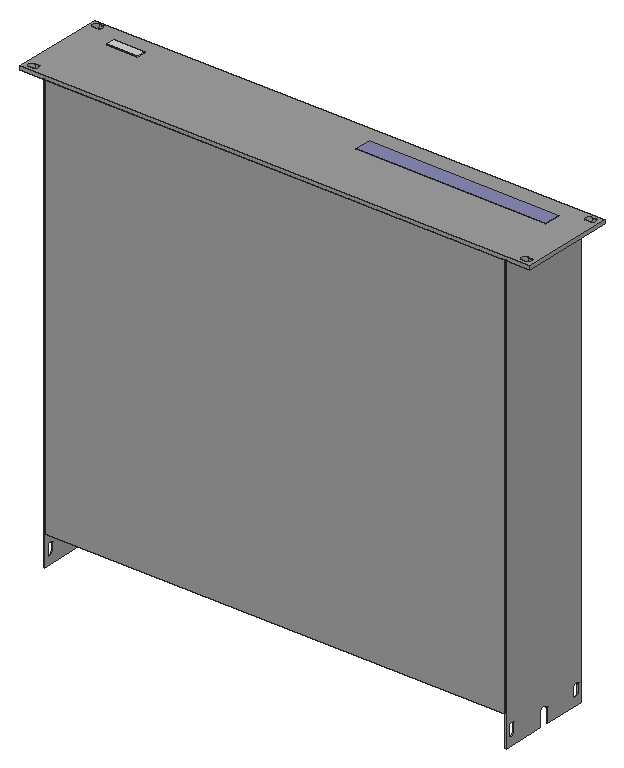
Revit family "Q-SYS Core 510i Face Based", category Generic Models, host Face, Revit 2015
Parameters
  Default Elevation = 4' - 0"
Reference planes (in)
  plane 1 "Center (Front/Back)": y = 0
  plane 2: z = 0
  plane 3 "Center (Left/Right)": x = 0
  plane 4: y = 1.75
  plane 5: y = -1.72835
  plane 6: x = -9.47638
  plane 7: x = 9.47638
  plane 8: z = -16.25197
Forms (in)
  Extrusion 1, void
    sketch origin (0, 0, 0) x (1, 0, 0) y (0, 1, 0)
      loop
        line (-15.9713, 48) -> (-15.9713, -48) -> (11.98501, -48) -> (11.98501, 48) -> (-15.9713, 48)
    from 0 to -0.52366
Dimensions and locks (in)
  aligned and locked: plane 2 to Extrusion 1
  aligned and locked: level to Extrusion 1
Nested families (in)
  nested 1: "Q-SYS Core 510i" at (0, -1.72835, -7.56299) x (1, 0, 0) z (0, 1, 0), type "Q-SYS Core 510i"
Definition of nested family "Q-SYS Core 510i"
  Parameters (values of type "Q-SYS Core 510i")
    Width = 1' - 7.01575"
    Weight Dimensional = 23
    Voltage AC = "100VAC - 240VAC, 50-60 Hz"
    Regulatory Compliance = "FCC 47 CFR Part 15 Class A, IC ICES-003, CE (EN55032, EN55035), EU RoHS directive 2011/65/EU, WEEE directive 2012/19/EU, China RoHS directive GB/T26572, EAC, RTL, UL, C-UL"
    Product Page URL = "https://www.qsc.com/systems/products/q-sys-platform/products-peripherals-accessories/q-sys-cores/core-510i/"
    Product Documentation Link = "https://www.qsc.com/resource-files/productresources/dn/dsp_cores/core_510i/q_qsys_core_510i_specs.pdf"
    Model = "Core 510i"
    Manufacturer URL = "www.qsc.com"
    Manufacturer = "QSC"
    Height = 0' - 3.50394"
    Heat Load Active = 600
    Description = "Integrated Core Processor"
    Depth = 1' - 3"
    Default Elevation = 4' - 0"
    Current Draw = 3.7
  Reference planes (in)
    plane 1 "Center (Front/Back)": y = 0
    plane 2: z = 0
    plane 3 "Center (Left/Right)": x = 0
    plane 4: y = 7.56299
    plane 5: y = -7.68898
    plane 6: x = -8.59646
    plane 7: x = 8.59646
    plane 8: x = -9.47638
    plane 9: x = 9.47638
    plane 10: y = 8.68898
    plane 11: x = -8.54921
    plane 12: x = 8.54921
    plane 13: z = 1.72835
    plane 14: z = 0.22835
    plane 15: x = -9.16142
    plane 16: x = 9.16142
    plane 17: x = 8.97047
    plane 18: x = 9.35236
    plane 19: y = 8.16142
    plane 20: y = 7.91142
    plane 21: y = 8.41142
    plane 22: z = 1.53543
    plane 23: z = 1.92126
    plane 24: y = 8.05906
  Forms (in)
    Extrusion 1, solid
      sketch origin (0, 0, 0) x (1, 0, 0) y (0, 1, 0)
        loop
          line (-8.54921, 7.56299) -> (-8.54921, -7.56299) -> (8.54921, -7.56299) -> (8.54921, 7.56299) -> (-8.54921, 7.56299)
      from 0 to 3.45669
    Extrusion 2, solid
      sketch origin (0, 0, 0) x (1, 0, 0) y (0, 1, 0)
        loop
          line (-9.47638, -7.56299) -> (-9.47638, -7.68898) -> (9.47638, -7.68898) -> (9.47638, -7.56299) -> (-9.47638, -7.56299)
      from 0 to 3.45669
    Extrusion 3, solid
      sketch origin (0, 0, 0) x (1, 0, 0) y (0, 1, 0)
        loop
          line (8.54921, 8.68898) -> (8.54921, -7.56299) -> (8.59646, -7.56299) -> (8.59646, 8.68898) -> (8.54921, 8.68898)
        loop
          line (-8.54921, 8.68898) -> (-8.59646, 8.68898) -> (-8.59646, -7.56299) -> (-8.54921, -7.56299) -> (-8.54921, 8.68898)
      from 0 to 3.45669
    Extrusion 4, void
      sketch origin (0, -4.33071, 0) x (1, 0, 0) y (0, 0, 1)
        loop
          arc (9.22776, 0.10236) -> (9.35374, 0.22835) -> (9.22776, 0.35433) r 0.12598
          line (9.22776, 0.35433) -> (9.10177, 0.35433)
          arc (9.10177, 0.35433) -> (8.97579, 0.22835) -> (9.10177, 0.10236) r 0.12598
          line (9.10177, 0.10236) -> (9.22776, 0.10236)
        loop
          line (9.22776, 3.35433) -> (9.10177, 3.35433)
          arc (9.10177, 3.35433) -> (8.97579, 3.22835) -> (9.10177, 3.10236) r 0.12598
          line (9.10177, 3.10236) -> (9.22776, 3.10236)
          arc (9.22776, 3.10236) -> (9.35374, 3.22835) -> (9.22776, 3.35433) r 0.12598
        loop
          line (-9.22776, 0.10236) -> (-9.10177, 0.10236)
          arc (-9.10177, 0.10236) -> (-8.97579, 0.22835) -> (-9.10177, 0.35433) r 0.12598
          line (-9.10177, 0.35433) -> (-9.22776, 0.35433)
          arc (-9.22776, 0.35433) -> (-9.35374, 0.22835) -> (-9.22776, 0.10236) r 0.12598
        loop
          arc (-9.22776, 3.35433) -> (-9.35374, 3.22835) -> (-9.22776, 3.10236) r 0.12598
          line (-9.22776, 3.10236) -> (-9.10177, 3.10236)
          arc (-9.10177, 3.10236) -> (-8.97579, 3.22835) -> (-9.10177, 3.35433) r 0.12598
          line (-9.10177, 3.35433) -> (-9.22776, 3.35433)
      from 0 to 3.45669
    Extrusion 5, void
      sketch origin (0, 0, 0) x (0, 1, 0) y (0, 0, 1)
        loop
          arc (8.28758, 0.10236) -> (8.41357, 0.22835) -> (8.28758, 0.35433) r 0.12598
          line (8.28758, 0.35433) -> (8.03748, 0.35433)
          arc (8.03748, 0.35433) -> (7.91149, 0.22835) -> (8.03748, 0.10236) r 0.12598
          line (8.03748, 0.10236) -> (8.28758, 0.10236)
        loop
          line (8.28758, 3.35433) -> (8.03748, 3.35433)
          arc (8.03748, 3.35433) -> (7.91149, 3.22835) -> (8.03748, 3.10236) r 0.12598
          line (8.03748, 3.10236) -> (8.28758, 3.10236)
          arc (8.28758, 3.10236) -> (8.41357, 3.22835) -> (8.28758, 3.35433) r 0.12598
      from -8.82591 to 8.97047
    Extrusion 6, void
      sketch origin (0, 0, 0) x (0, 1, 0) y (0, 0, 1)
        loop
          line (8.68898, 1.92126) -> (8.21654, 1.92126)
          arc (8.21654, 1.92126) -> (8.10518, 1.87513) -> (8.05906, 1.76378) r 0.15748
          line (8.05906, 1.76378) -> (8.05906, 1.69291)
          arc (8.05906, 1.69291) -> (8.10518, 1.58156) -> (8.21654, 1.53543) r 0.15748
          line (8.21654, 1.53543) -> (8.68898, 1.53543) -> (8.68898, 1.92126)
      from -8.82591 to 10.83067
    Extrusion 7, solid
      sketch origin (0, 0, 0) x (1, 0, 0) y (0, 0, 1)
        loop
          line (1.22466, 2.20745) -> (8.30315, 2.20745) -> (8.30315, 2.85752) -> (1.22466, 2.85752) -> (1.22466, 2.20745)
      from 0 to 7.70117
    Extrusion 8, void
      sketch origin (0, 0, 0) x (1, 0, 0) y (0, 0, 1)
        loop
          line (8.16161, 0.53833) -> (7.17736, 0.53833) -> (7.17736, 0.14463) -> (8.16161, 0.14463) -> (8.16161, 0.53833)
      from -7.56299 to -7.44094
    Extrusion 9, void
      sketch origin (-1.1811, 0, 0) x (1, 0, 0) y (0, 0, 1)
        loop
          line (8.16161, 0.53833) -> (7.17736, 0.53833) -> (7.17736, 0.14463) -> (8.16161, 0.14463) -> (8.16161, 0.53833)
      from -7.56299 to -7.44094
    Extrusion 10, void
      sketch origin (-2.3622, 0, 0) x (1, 0, 0) y (0, 0, 1)
        loop
          line (8.16161, 0.53833) -> (7.17736, 0.53833) -> (7.17736, 0.14463) -> (8.16161, 0.14463) -> (8.16161, 0.53833)
      from -7.56299 to -7.44094
    Extrusion 11, void
      sketch origin (-3.54331, 0, 0) x (1, 0, 0) y (0, 0, 1)
        loop
          line (8.16161, 0.53833) -> (7.17736, 0.53833) -> (7.17736, 0.14463) -> (8.16161, 0.14463) -> (8.16161, 0.53833)
      from -7.56299 to -7.44094
    Extrusion 12, void
      sketch origin (0, 0, 0.98425) x (1, 0, 0) y (0, 0, 1)
        loop
          line (8.16161, 0.53833) -> (7.17736, 0.53833) -> (7.17736, 0.14463) -> (8.16161, 0.14463) -> (8.16161, 0.53833)
      from -7.56299 to -7.44094
    Extrusion 13, void
      sketch origin (-1.1811, 0, 0.98425) x (1, 0, 0) y (0, 0, 1)
        loop
          line (8.16161, 0.53833) -> (7.17736, 0.53833) -> (7.17736, 0.14463) -> (8.16161, 0.14463) -> (8.16161, 0.53833)
      from -7.56299 to -7.44094
    Extrusion 14, void
      sketch origin (-2.3622, 0, 0.98425) x (1, 0, 0) y (0, 0, 1)
        loop
          line (8.16161, 0.53833) -> (7.17736, 0.53833) -> (7.17736, 0.14463) -> (8.16161, 0.14463) -> (8.16161, 0.53833)
      from -7.56299 to -7.44094
    Extrusion 15, void
      sketch origin (-3.54331, 0, 0.98425) x (1, 0, 0) y (0, 0, 1)
        loop
          line (8.16161, 0.53833) -> (7.17736, 0.53833) -> (7.17736, 0.14463) -> (8.16161, 0.14463) -> (8.16161, 0.53833)
      from -7.56299 to -7.44094
    Extrusion 16, void
      sketch origin (-3.35594, 0, 1.9685) x (1, 0, 0) y (0, 0, 1)
        loop
          line (8.16161, 0.65648) -> (7.41289, 0.65648) -> (7.41289, 0.14463) -> (8.16161, 0.14463) -> (8.16161, 0.65648)
      from -7.56299 to -7.44094
    Extrusion 17, void
      sketch origin (-0.99373, 0, 1.9685) x (1, 0, 0) y (0, 0, 1)
        loop
          line (8.16161, 0.65648) -> (7.41289, 0.65648) -> (7.41289, 0.14463) -> (8.16161, 0.14463) -> (8.16161, 0.65648)
      from -7.56299 to -7.44094
    Extrusion 18, void
      sketch origin (-5.4626, 0, 0) x (1, 0, 0) y (0, 0, 1)
        loop
          line (8.16161, 0.53833) -> (7.17736, 0.53833) -> (7.17736, 0.14463) -> (8.16161, 0.14463) -> (8.16161, 0.53833)
      from -7.56299 to -7.44094
    Extrusion 19, void
      sketch origin (-6.6437, 0, 0) x (1, 0, 0) y (0, 0, 1)
        loop
          line (8.16161, 0.53833) -> (7.17736, 0.53833) -> (7.17736, 0.14463) -> (8.16161, 0.14463) -> (8.16161, 0.53833)
      from -7.56299 to -7.44094
    Extrusion 20, void
      sketch origin (-7.8248, 0, 0) x (1, 0, 0) y (0, 0, 1)
        loop
          line (8.16161, 0.53833) -> (7.17736, 0.53833) -> (7.17736, 0.14463) -> (8.16161, 0.14463) -> (8.16161, 0.53833)
      from -7.56299 to -7.44094
    Extrusion 21, void
      sketch origin (-9.00591, 0, 0) x (1, 0, 0) y (0, 0, 1)
        loop
          line (8.16161, 0.53833) -> (7.17736, 0.53833) -> (7.17736, 0.14463) -> (8.16161, 0.14463) -> (8.16161, 0.53833)
      from -7.56299 to -7.44094
    Extrusion 22, void
      sketch origin (-5.4626, 0, 0.98425) x (1, 0, 0) y (0, 0, 1)
        loop
          line (8.16161, 0.53833) -> (7.17736, 0.53833) -> (7.17736, 0.14463) -> (8.16161, 0.14463) -> (8.16161, 0.53833)
      from -7.56299 to -7.44094
    Extrusion 23, void
      sketch origin (-6.6437, 0, 0.98425) x (1, 0, 0) y (0, 0, 1)
        loop
          line (8.16161, 0.53833) -> (7.17736, 0.53833) -> (7.17736, 0.14463) -> (8.16161, 0.14463) -> (8.16161, 0.53833)
      from -7.56299 to -7.44094
    Extrusion 24, void
      sketch origin (-7.8248, 0, 0.98425) x (1, 0, 0) y (0, 0, 1)
        loop
          line (8.16161, 0.53833) -> (7.17736, 0.53833) -> (7.17736, 0.14463) -> (8.16161, 0.14463) -> (8.16161, 0.53833)
      from -7.56299 to -7.44094
    Extrusion 25, void
      sketch origin (-9.00591, 0, 0.98425) x (1, 0, 0) y (0, 0, 1)
        loop
          line (8.16161, 0.53833) -> (7.17736, 0.53833) -> (7.17736, 0.14463) -> (8.16161, 0.14463) -> (8.16161, 0.53833)
      from -7.56299 to -7.44094
    Extrusion 26, void
      sketch origin (-10.22568, 0, 0.64277) x (1, 0, 0) y (0, 0, 1)
        loop
          line (8.16161, 0.79545) -> (7.72171, 0.79545) -> (7.72171, -0.49814) -> (8.16161, -0.49814) -> (8.16161, 0.79545)
      from -7.56299 to -7.44094
    Extrusion 27, void
      sketch origin (-10.22568, 0, 2.81392) x (1, 0, 0) y (0, 0, 1)
        loop
          line (8.16161, -0.79545) -> (8.16161, 0.49814) -> (7.72171, 0.49814) -> (7.72171, -0.79545) -> (8.16161, -0.79545)
      from -7.56299 to -7.44094
    Extrusion 28, void
      sketch origin (-12.54921, 0, 0.98425) x (1, 0, 0) y (0, 0, 1)
        loop
          line (8.16161, 0.74409) -> (7.4311, 0.74409) -> (7.4311, 0.30272) -> (8.16161, 0.30272) -> (8.16161, 0.74409)
      from -7.56299 to -7.44094
    Extrusion 29, void
      sketch origin (-12.54921, 0, 0.31988) x (1, 0, 0) y (0, 0, 1)
        loop
          line (8.16161, 0.35433) -> (7.4311, 0.35433) -> (7.4311, 0.14463) -> (8.16161, 0.14463) -> (8.16161, 0.35433)
      from -7.56299 to -7.44094
    Extrusion 30, void
      sketch origin (-12.99213, 0, 2.98684) x (1, 0, 0) y (0, 0, 1)
        loop
          line (7.0701, 0.14961) -> (6.05315, 0.14961) -> (6.05315, -0.52621) -> (7.0701, -0.52621) -> (7.0701, 0.14961)
      from -7.56299 to -7.44094
    Extrusion 31, void
      sketch origin (-13.81496, 0, 1.0025) x (1, 0, 0) y (0, 0, 1)
        loop
          line (8.08412, 0.74409) -> (7.4311, 0.74409) -> (7.4311, 0.21217) -> (8.08412, 0.21217) -> (8.08412, 0.74409)
      from -7.56299 to -7.44094
    Extrusion 32, void
      sketch origin (-14.65157, 0, 1.0025) x (1, 0, 0) y (0, 0, 1)
        loop
          line (8.16161, 0.74409) -> (7.50757, 0.74409) -> (7.50757, 0.21217) -> (8.16161, 0.21217) -> (8.16161, 0.74409)
      from -7.56299 to -7.44094
    Extrusion 33, void
      sketch origin (-15.83263, 0, 1.25233) x (1, 0, 0) y (0, 0, 1)
        loop
          line (8.16161, 0.74409) -> (7.4311, 0.74409) -> (7.4311, 0.21217) -> (8.16161, 0.21217) -> (8.16161, 0.74409)
      from -7.56299 to -7.44094
    Extrusion 34, void
      sketch origin (-13.80158, 0, 0.31988) x (1, 0, 0) y (0, 0, 1)
        loop
          line (8.07074, 0.35433) -> (7.41772, 0.35433) -> (7.41772, 0.14463) -> (8.07074, 0.14463) -> (8.07074, 0.35433)
      from -7.56299 to -7.44094
    Extrusion 35, void
      sketch origin (-14.64127, 0, 0.31988) x (1, 0, 0) y (0, 0, 1)
        loop
          line (8.15131, 0.35433) -> (7.49727, 0.35433) -> (7.49727, 0.14463) -> (8.15131, 0.14463) -> (8.15131, 0.35433)
      from -7.56299 to -7.44094
    Extrusion 36, void
      sketch origin (-13.80158, 0, 0.69507) x (1, 0, 0) y (0, 0, 1)
        loop
          line (8.07074, 0.35433) -> (7.41772, 0.35433) -> (7.41772, 0.14463) -> (8.07074, 0.14463) -> (8.07074, 0.35433)
      from -7.56299 to -7.44094
    Extrusion 37, void
      sketch origin (-14.64127, 0, 0.69507) x (1, 0, 0) y (0, 0, 1)
        loop
          line (8.15131, 0.35433) -> (7.49727, 0.35433) -> (7.49727, 0.14463) -> (8.15131, 0.14463) -> (8.15131, 0.35433)
      from -7.56299 to -7.44094
  Cuts and joins
    Extrusion 4 cuts Extrusion 2
    Extrusion 5, Extrusion 6 cuts Extrusion 3
    Extrusion 8, Extrusion 9, Extrusion 10, Extrusion 11, Extrusion 12, Extrusion 13, Extrusion 14, Extrusion 15, Extrusion 16, Extrusion 17, Extrusion 18, Extrusion 19, Extrusion 20, Extrusion 21, Extrusion 22, Extrusion 23, Extrusion 24, Extrusion 25, Extrusion 26, Extrusion 27, Extrusion 28, Extrusion 29, Extrusion 30, Extrusion 31, Extrusion 32, Extrusion 33, Extrusion 34, Extrusion 35, Extrusion 36, Extrusion 37 cuts Extrusion 1
  Dimensions and locks (in)
    aligned and locked: plane 2 to level
  Nested families (in)
    nested 1: "QSC Logo" at (-8.59646, -7.68898, 1.33719) x (1, 0, 0) z (0, -1, 0), type "QSC Logo"
  Connectors (in)
    electrical at (6.79352, 7.44094, 2.36906)
      settings: on cut or joined group 1 (Extrusion 1, Extrusion 8, Extrusion 9, Extrusion 10, Extrusion 11, Extrusion 12, Extrusion 13, Extrusion 14, Extrusion 15, Extrusion 16, Extrusion 17, Extrusion 18, Extrusion 19, Extrusion 20, Extrusion 21, Extrusion 22, Extrusion 23, Extrusion 24, Extrusion 25, Extrusion 26, Extrusion 27, Extrusion 28, Extrusion 29, Extrusion 30, Extrusion 31, Extrusion 32, Extrusion 33, Extrusion 34, Extrusion 35, Extrusion 36, Extrusion 37), index 1, voltage 0 V, apparent load 0 VA, apparent load phase1 0 VA, apparent load phase2 0 VA, apparent load phase3 0 VA, power factor 1, load classification none, number of poles 1, system type 14, power factor state 1, is connector primary yes, connector utility no, sub classification motor no, connector description ""
    electrical at (4.43131, 7.44094, 2.36906)
      settings: on cut or joined group 1, index 2, voltage 0 V, apparent load 0 VA, apparent load phase1 0 VA, apparent load phase2 0 VA, apparent load phase3 0 VA, power factor 1, load classification none, number of poles 1, system type 14, power factor state 1, is connector primary no, connector utility no, sub classification motor no, connector description ""
    electrical at (7.66949, 7.44094, 1.32573)
      settings: on cut or joined group 1, index 3, voltage 0 V, apparent load 0 VA, apparent load phase1 0 VA, apparent load phase2 0 VA, apparent load phase3 0 VA, power factor 1, load classification none, number of poles 1, system type 14, power factor state 1, is connector primary no, connector utility no, sub classification motor no, connector description ""
    electrical at (6.48839, 7.44094, 1.32573)
      settings: on cut or joined group 1, index 4, voltage 0 V, apparent load 0 VA, apparent load phase1 0 VA, apparent load phase2 0 VA, apparent load phase3 0 VA, power factor 1, load classification none, number of poles 1, system type 14, power factor state 1, is connector primary no, connector utility no, sub classification motor no, connector description ""
    electrical at (5.30728, 7.44094, 1.32573)
      settings: on cut or joined group 1, index 5, voltage 0 V, apparent load 0 VA, apparent load phase1 0 VA, apparent load phase2 0 VA, apparent load phase3 0 VA, power factor 1, load classification none, number of poles 1, system type 14, power factor state 1, is connector primary no, connector utility no, sub classification motor no, connector description ""
    electrical at (4.12618, 7.44094, 1.32573)
      settings: on cut or joined group 1, index 6, voltage 0 V, apparent load 0 VA, apparent load phase1 0 VA, apparent load phase2 0 VA, apparent load phase3 0 VA, power factor 1, load classification none, number of poles 1, system type 14, power factor state 1, is connector primary no, connector utility no, sub classification motor no, connector description ""
    electrical at (4.12618, 7.44094, 0.34148)
      settings: on cut or joined group 1, index 7, voltage 0 V, apparent load 0 VA, apparent load phase1 0 VA, apparent load phase2 0 VA, apparent load phase3 0 VA, power factor 1, load classification none, number of poles 1, system type 14, power factor state 1, is connector primary no, connector utility no, sub classification motor no, connector description ""
    electrical at (5.30728, 7.44094, 0.34148)
      settings: on cut or joined group 1, index 8, voltage 0 V, apparent load 0 VA, apparent load phase1 0 VA, apparent load phase2 0 VA, apparent load phase3 0 VA, power factor 1, load classification none, number of poles 1, system type 14, power factor state 1, is connector primary no, connector utility no, sub classification motor no, connector description ""
    electrical at (6.48839, 7.44094, 0.34148)
      settings: on cut or joined group 1, index 9, voltage 0 V, apparent load 0 VA, apparent load phase1 0 VA, apparent load phase2 0 VA, apparent load phase3 0 VA, power factor 1, load classification none, number of poles 1, system type 14, power factor state 1, is connector primary no, connector utility no, sub classification motor no, connector description ""
    electrical at (7.66949, 7.44094, 0.34148)
      settings: on cut or joined group 1, index 10, voltage 0 V, apparent load 0 VA, apparent load phase1 0 VA, apparent load phase2 0 VA, apparent load phase3 0 VA, power factor 1, load classification none, number of poles 1, system type 14, power factor state 1, is connector primary no, connector utility no, sub classification motor no, connector description ""
    electrical at (2.20689, 7.44094, 1.32573)
      settings: on cut or joined group 1, index 11, voltage 0 V, apparent load 0 VA, apparent load phase1 0 VA, apparent load phase2 0 VA, apparent load phase3 0 VA, power factor 1, load classification none, number of poles 1, system type 14, power factor state 1, is connector primary no, connector utility no, sub classification motor no, connector description ""
    electrical at (1.02579, 7.44094, 1.32573)
      settings: on cut or joined group 1, index 12, voltage 0 V, apparent load 0 VA, apparent load phase1 0 VA, apparent load phase2 0 VA, apparent load phase3 0 VA, power factor 1, load classification none, number of poles 1, system type 14, power factor state 1, is connector primary no, connector utility no, sub classification motor no, connector description ""
    electrical at (-0.15531, 7.44094, 1.32573)
      settings: on cut or joined group 1, index 13, voltage 0 V, apparent load 0 VA, apparent load phase1 0 VA, apparent load phase2 0 VA, apparent load phase3 0 VA, power factor 1, load classification none, number of poles 1, system type 14, power factor state 1, is connector primary no, connector utility no, sub classification motor no, connector description ""
    electrical at (-1.33642, 7.44094, 1.32573)
      settings: on cut or joined group 1, index 14, voltage 0 V, apparent load 0 VA, apparent load phase1 0 VA, apparent load phase2 0 VA, apparent load phase3 0 VA, power factor 1, load classification none, number of poles 1, system type 14, power factor state 1, is connector primary no, connector utility no, sub classification motor no, connector description ""
    electrical at (-1.33642, 7.44094, 0.34148)
      settings: on cut or joined group 1, index 15, voltage 0 V, apparent load 0 VA, apparent load phase1 0 VA, apparent load phase2 0 VA, apparent load phase3 0 VA, power factor 1, load classification none, number of poles 1, system type 14, power factor state 1, is connector primary no, connector utility no, sub classification motor no, connector description ""
    electrical at (-0.15531, 7.44094, 0.34148)
      settings: on cut or joined group 1, index 16, voltage 0 V, apparent load 0 VA, apparent load phase1 0 VA, apparent load phase2 0 VA, apparent load phase3 0 VA, power factor 1, load classification none, number of poles 1, system type 14, power factor state 1, is connector primary no, connector utility no, sub classification motor no, connector description ""
    electrical at (1.02579, 7.44094, 0.34148)
      settings: on cut or joined group 1, index 17, voltage 0 V, apparent load 0 VA, apparent load phase1 0 VA, apparent load phase2 0 VA, apparent load phase3 0 VA, power factor 1, load classification none, number of poles 1, system type 14, power factor state 1, is connector primary no, connector utility no, sub classification motor no, connector description ""
    electrical at (2.20689, 7.44094, 0.34148)
      settings: on cut or joined group 1, index 18, voltage 0 V, apparent load 0 VA, apparent load phase1 0 VA, apparent load phase2 0 VA, apparent load phase3 0 VA, power factor 1, load classification none, number of poles 1, system type 14, power factor state 1, is connector primary no, connector utility no, sub classification motor no, connector description ""
    electrical at (-2.28402, 7.44094, 0.79143)
      settings: on cut or joined group 1, index 19, voltage 0 V, apparent load 0 VA, apparent load phase1 0 VA, apparent load phase2 0 VA, apparent load phase3 0 VA, power factor 1, load classification none, number of poles 1, system type 14, power factor state 1, is connector primary no, connector utility no, sub classification motor no, connector description ""
    electrical at (-2.28402, 7.44094, 2.66527)
      settings: on cut or joined group 1, index 20, voltage 0 V, apparent load 0 VA, apparent load phase1 0 VA, apparent load phase2 0 VA, apparent load phase3 0 VA, power factor 1, load classification none, number of poles 1, system type 14, power factor state 1, is connector primary no, connector utility no, sub classification motor no, connector description ""
    electrical at (-4.75285, 7.44094, 1.50766)
      settings: on cut or joined group 1, index 21, voltage 0 V, apparent load 0 VA, apparent load phase1 0 VA, apparent load phase2 0 VA, apparent load phase3 0 VA, power factor 1, load classification none, number of poles 1, system type 14, power factor state 1, is connector primary no, connector utility no, sub classification motor no, connector description ""
    electrical at (-4.75285, 7.44094, 0.56936)
      settings: on cut or joined group 1, index 22, voltage 0 V, apparent load 0 VA, apparent load phase1 0 VA, apparent load phase2 0 VA, apparent load phase3 0 VA, power factor 1, load classification none, number of poles 1, system type 14, power factor state 1, is connector primary no, connector utility no, sub classification motor no, connector description ""
    electrical at (-6.05735, 7.44094, 0.94455)
      settings: on cut or joined group 1, index 23, voltage 0 V, apparent load 0 VA, apparent load phase1 0 VA, apparent load phase2 0 VA, apparent load phase3 0 VA, power factor 1, load classification none, number of poles 1, system type 14, power factor state 1, is connector primary no, connector utility no, sub classification motor no, connector description ""
    electrical at (-6.05735, 7.44094, 1.48063)
      settings: on cut or joined group 1, index 24, voltage 0 V, apparent load 0 VA, apparent load phase1 0 VA, apparent load phase2 0 VA, apparent load phase3 0 VA, power factor 1, load classification none, number of poles 1, system type 14, power factor state 1, is connector primary no, connector utility no, sub classification motor no, connector description ""
    electrical at (-6.81698, 7.44094, 1.48063)
      settings: on cut or joined group 1, index 25, voltage 0 V, apparent load 0 VA, apparent load phase1 0 VA, apparent load phase2 0 VA, apparent load phase3 0 VA, power factor 1, load classification none, number of poles 1, system type 14, power factor state 1, is connector primary no, connector utility no, sub classification motor no, connector description ""
    electrical at (-6.81698, 7.44094, 0.94455)
      settings: on cut or joined group 1, index 26, voltage 0 V, apparent load 0 VA, apparent load phase1 0 VA, apparent load phase2 0 VA, apparent load phase3 0 VA, power factor 1, load classification none, number of poles 1, system type 14, power factor state 1, is connector primary no, connector utility no, sub classification motor no, connector description ""
    electrical at (-6.81698, 7.44094, 0.56936)
      settings: on cut or joined group 1, index 27, voltage 0 V, apparent load 0 VA, apparent load phase1 0 VA, apparent load phase2 0 VA, apparent load phase3 0 VA, power factor 1, load classification none, number of poles 1, system type 14, power factor state 1, is connector primary no, connector utility no, sub classification motor no, connector description ""
    electrical at (-6.05735, 7.44094, 0.56936)
      settings: on cut or joined group 1, index 28, voltage 0 V, apparent load 0 VA, apparent load phase1 0 VA, apparent load phase2 0 VA, apparent load phase3 0 VA, power factor 1, load classification none, number of poles 1, system type 14, power factor state 1, is connector primary no, connector utility no, sub classification motor no, connector description ""
    electrical at (-8.03627, 7.44094, 1.73046)
      settings: on cut or joined group 1, index 29, voltage 0 V, apparent load 0 VA, apparent load phase1 0 VA, apparent load phase2 0 VA, apparent load phase3 0 VA, power factor 1, load classification none, number of poles 1, system type 14, power factor state 1, is connector primary no, connector utility no, sub classification motor no, connector description ""
    electrical at (-6.4305, 7.44094, 2.79854)
      settings: on cut or joined group 1, index 30, voltage 0 V, apparent load 0 VA, apparent load phase1 0 VA, apparent load phase2 0 VA, apparent load phase3 0 VA, power factor 1, load classification none, number of poles 1, system type 31, power factor state 1, is connector primary no, connector utility no, sub classification motor no, connector description ""
  Definition of nested family "QSC Logo"
    Parameters (values of type "QSC Logo")
      Default Elevation = 4' - 0"
    Reference planes (in)
      plane 1 "Center (Front/Back)": y = 0
      plane 2: z = 0
      plane 3 "Center (Left/Right)": x = 0
    Forms (in)
      Extrusion 1, solid
        sketch origin (0, 0, 0) x (1, 0, 0) y (0, 1, 0)
          loop
            line (-48, 48) -> (-48, -48) -> (48, -48) -> (48, 48) -> (-48, 48)
        from 0 to -12
      Extrusion 2, solid
        sketch origin (0, 0, 0) x (1, 0, 0) y (0, 1, 0)
          loop
            arc (0.32475, 1.54248) -> (0.31061, 1.53662) -> (0.30475, 1.52248) r 0.02
            line (0.30475, 1.52248) -> (0.30475, 1.22135)
            arc (0.30475, 1.22135) -> (0.31061, 1.20721) -> (0.32475, 1.20135) r 0.02
            line (0.32475, 1.20135) -> (1.43245, 1.20135)
            arc (1.43245, 1.20135) -> (1.44659, 1.20721) -> (1.45245, 1.22135) r 0.02
            line (1.45245, 1.22135) -> (1.45245, 1.52248)
            arc (1.45245, 1.52248) -> (1.44659, 1.53662) -> (1.43245, 1.54248) r 0.02
            line (1.43245, 1.54248) -> (0.32475, 1.54248)
        from 0 to 0.03125
    Lines and regions (in)
      reference lines, not visible
        curve 1: line (7.46129, -1.68384, 0) -> (8.03516, -1.68384, 0)
        curve 2: line (7.46129, -1.68384, 0) -> (8.03516, -1.68384, 0)
        curve 3: line (7.60221, -1.69939, 0) -> (7.57915, -1.64864, 0)
        curve 4: line (7.60221, -1.73876, 0) -> (7.5741, -1.62892, 0)
        curve 5: line (7.57915, -1.64864, 0) -> (7.60221, -1.69939, 0)
        curve 6: line (7.5741, -1.62892, 0) -> (7.60221, -1.73876, 0)
        curve 7: line (7.73833, -1.68384, 0) -> (7.76643, -1.66928, 0)
        curve 8: line (7.73833, -1.68384, 0) -> (7.76643, -1.66928, 0)
        curve 9: line (7.84773, -1.67913, 0) -> (7.88776, -1.67913, 0)
        curve 10: line (7.84773, -1.67913, 0) -> (7.88776, -1.67913, 0)
      model lines
        curve 11: line (0.9634, 1.32609, 0.03125) -> (0.87614, 1.44105, 0.03125)
        curve 12: line (0.87614, 1.44105, 0.03125) -> (0.9634, 1.32609, 0.03125)
        curve 13: line (0.55978, 1.34044, 0.03125) -> (0.59275, 1.45903, 0.03125)
        curve 14: line (0.59275, 1.45903, 0.03125) -> (0.55978, 1.34044, 0.03125)
        curve 15: line (0.61485, 1.26192, 0.03125) -> (0.59024, 1.48138, 0.03125)
        curve 16: line (0.59024, 1.48138, 0.03125) -> (0.61485, 1.26192, 0.03125)
        curve 17: line (1.08024, 1.41546, 0.03125) -> (1.15805, 1.3583, 0.03125)
        curve 18: line (1.15805, 1.3583, 0.03125) -> (1.08024, 1.41546, 0.03125)
    Text (in)
      text "42T" at (-0.70074, 1.3121, 0), in view "Ref. Level"
      text "81Tw" at (-0.70074, 0.6721, 0), in view "Ref. Level"
      text "52T" at (-0.70074, -0.18312, 0), in view "Ref. Level"
      text "52ST" at (-0.70074, -1.16409, 0), in view "Ref. Level"
    Dimensions and locks (in)
      aligned and locked: plane 2 to Extrusion 1
      aligned and locked: level to Extrusion 1
